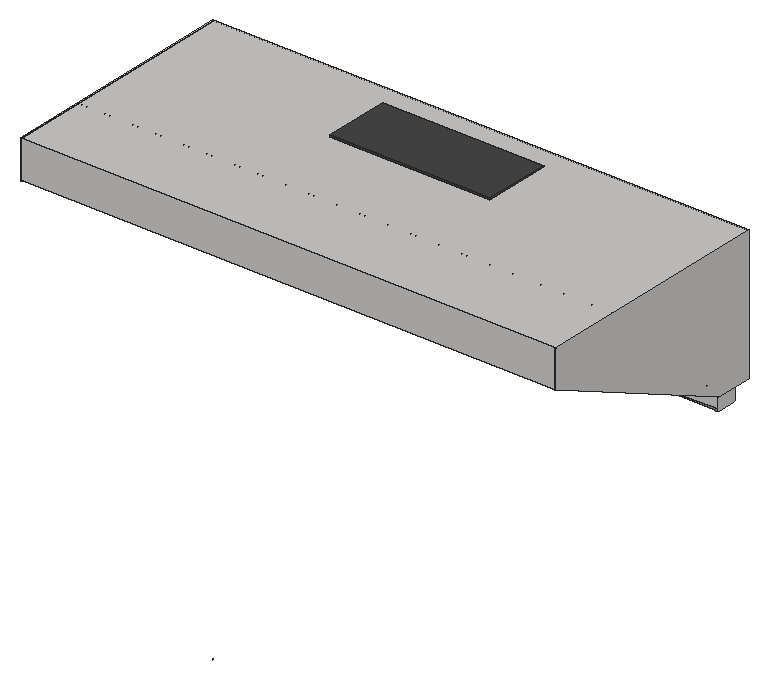
Revit family "QF_ELECTROLUXPROFESSIONAL_642288_MP920BT", category Specialty Equipment, Revit 2014
Reference planes
  plane 1: z = 0
  plane 2 "Center (Left/Right)": x = 150
  plane 3 "LEFT": x = -850
  plane 4 "RIGHT": x = 1150
  plane 5 "BACK": y = 550
  plane 6 "Plane": z = 2000
  plane 7 "TOP": z = 2140
  plane 8 "Base": z = 1640
  plane 9: z = 1566
  plane 10 "DrainY": y = 485
  plane 11: x = -847
  plane 12: through (0, 414.509, 1640.8) normal (0, 0.7314, 0.682)
  plane 13: y = 470
  plane 14: y = 220
  plane 15 "DrainX": x = 1030
  plane 16: x = -150
  plane 17: x = 450
  plane 18: x = 1147
  plane 19: x = 940
  plane 20: x = 1120
  plane 21: x = -810
  plane 22: x = 1110
  plane 23: x = -47.5
  plane 24: x = 347.5
  plane 25 "FRONT": y = -350
  plane 26 "Center (Front/Back)": y = 100
Forms (mm)
  Extrusion 1, solid, material "QF_Finishes_Stainless Steel"
    sketch origin (-850, 0, 0) x (0, 1, 0) y (0, 0, 1)
      loop
        line (550, 1640) -> (550, 2140) -> (-350, 2140) -> (-350, 1998.736) -> (413.973, 1640) -> (550, 1640)
    from 0 to 3
  Extrusion 2, solid, material "QF_Finishes_Stainless Steel"
    sketch origin (150, 0, 0) x (0, 1, 0) y (0, 0, 1)
      loop
        line (415.255, 1640) -> (550, 1640) -> (550, 2139.19) -> (549.2, 2139.19) -> (549.2, 1640.8) -> (415.876, 1640.8) -> (339.347, 1722.867) -> (349.609, 1732.436) -> (348.927, 1733.167) -> (337.934, 1722.917) -> (415.255, 1640)
      loop
        line (-82.203, 2139.19) -> (-82.203, 2118.6) -> (-31.047, 2118.6) -> (34.354, 2048.466) -> (46.028, 2059.352) -> (45.346, 2060.083) -> (34.403, 2049.879) -> (-30.612, 2119.6) -> (-81.203, 2119.6) -> (-81.203, 2139.19) -> (-82.203, 2139.19)
    from -997 to 997
  Extrusion 3, solid, material "QF_Finishes_Stainless Steel"
    sketch origin (1150, 0, 0) x (0, 1, 0) y (0, 0, 1)
      loop
        line (550, 1640) -> (550, 2140) -> (-350, 2140) -> (-350, 1998.736) -> (413.973, 1640) -> (550, 1640)
    from 0 to -3
  Extrusion 4, solid, material "QF_Finishes_Stainless Steel"
    sketch origin (150, 0, 0) x (0, 1, 0) y (0, 0, 1)
      loop
        line (-350, 2140) -> (-350, 2000) -> (-349.2, 2000) -> (-349.2, 2139.19) -> (550, 2139.19) -> (550, 2140) -> (-350, 2140)
    from -1000 to 1000
  Extrusion 5, solid, material "QF_Finishes_Stainless Steel"
    sketch origin (150, 0, 0) x (0, 1, 0) y (0, 0, 1)
      loop
        line (534, 1640) -> (436, 1640) -> (436, 1627) -> (443.5, 1627) -> (443.5, 1576)
        arc (443.5, 1576) -> (446.429, 1568.929) -> (453.5, 1566) r 10
        line (453.5, 1566) -> (516.5, 1566)
        arc (516.5, 1566) -> (523.571, 1568.929) -> (526.5, 1576) r 10
        line (526.5, 1576) -> (526.5, 1627) -> (534, 1627) -> (534, 1640)
    from 790 to 970
  Extrusion 6, solid, material "QF_Finishes_Stainless Steel"
    sketch origin (0, 0, 1640) x (0, 1, 0) y (-1, 0, 0)
      loop
        circle (485, -1030) r 20
    from -76 to -74
  Extrusion 7, solid, material "QF_Finished_Chrome"
    sketch origin (150, 0, 0) x (0, 1, 0) y (0, 0, 1)
      loop
        line (337.934, 1722.917) -> (341.591, 1726.327) -> (38.011, 2051.876) -> (34.354, 2048.466) -> (337.934, 1722.917)
    from -197.5 to -960
  Extrusion 8, solid, material "QF_Finishes_Stainless Steel"
    sketch origin (150, 0, 0) x (0, 1, 0) y (0, 0, 1)
      loop
        line (337.934, 1722.917) -> (341.591, 1726.327) -> (38.011, 2051.876) -> (34.354, 2048.466) -> (337.934, 1722.917)
    from 997 to 960
  Extrusion 9, solid, material "QF_Finished_Chrome"
    sketch origin (150, 0, 0) x (0, 1, 0) y (0, 0, 1)
      loop
        line (341.588, 1726.324) -> (38.009, 2051.874) -> (34.354, 2048.466) -> (337.934, 1722.917) -> (341.588, 1726.324)
    from 197.5 to 960
  Extrusion 10, solid, material "QF_Finishes_Black"
    sketch origin (0, 0, 2140) x (0, 1, 0) y (-1, 0, 0)
      loop
        line (470, -450) -> (470, 150) -> (220, 150) -> (220, -450) -> (470, -450)
    from 5 to 0
  Extrusion 11, solid, material "QF_Finishes_Stainless Steel"
    sketch origin (0, 0, 0) x (1, 0, 0) y (0, 1, 0)
      loop
        line (-850, 550) -> (-850, 549) -> (-849, 549) -> (-849, 550) -> (-850, 550)
    from 0 to 1
  Extrusion 12, solid, material "QF_Finishes_Stainless Steel"
    sketch origin (150, 0, 0) x (0, 1, 0) y (0, 0, 1)
      loop
        line (337.934, 1722.917) -> (341.591, 1726.327) -> (38.011, 2051.876) -> (34.354, 2048.466) -> (337.934, 1722.917)
    from -960 to -997
  Extrusion 13, solid, material "QF_Finishes_Stainless Steel"
    sketch origin (150, 0, 0) x (0, 1, 0) y (0, 0, 1)
      loop
        line (337.934, 1722.917) -> (341.591, 1726.327) -> (38.011, 2051.876) -> (34.354, 2048.466) -> (337.934, 1722.917)
    from 197.5 to -197.5
Cuts and joins
  joined: Extrusion 2, Extrusion 4
Lines and regions (mm)
  reference lines
    curve 1: line (150, 34.354, 2048.466) -> (150, 34.354, 1888.466)
  symbolic lines, style "SpecialityEquipment", detail levels coarse
    curve 2: line (1150, 550, 2140) -> (-850, 550, 2140)
    curve 3: line (-850, 550, 2140) -> (-850, -350, 2140)
    curve 4: line (1150, -350, 2140) -> (1150, 550, 2140)
    curve 5: line (-850, -350, 2140) -> (1150, -350, 2140)
    curve 6: line (450, 220, 2140) -> (-150, 220, 2140)
    curve 7: line (450, 470, 2140) -> (450, 220, 2140)
    curve 8: line (-150, 470, 2140) -> (450, 470, 2140)
    curve 9: line (-150, 220, 2140) -> (-150, 470, 2140)
    curve 10: line (-850, 550, 0) -> (1150, -350, 0)
    curve 11: line (1150, 550, 0) -> (-850, -350, 0)
Dimensions and locks
  plane 3 "LEFT" to plane 4 "RIGHT" = 2000 mm
  equal spacing: plane 3 "LEFT", plane 2 "Center (Left/Right)", plane 4 "RIGHT"
  locked: plane 6 "Plane" to level at 2000
  plane 7 "TOP" to plane 6 "Plane" = 140 mm
  locked: plane 7 "TOP" to plane 8 "Base" at 500
  plane 8 "Base" to plane 9 = 74 mm
  plane 5 "BACK" to plane 10 "DrainY" = 65 mm  (x2)
  plane 3 "LEFT" to plane 11 = 3 mm
  plane 5 "BACK" to plane 13 = 80 mm
  plane 13 to plane 14 = 250 mm  (x2)
  plane 15 "DrainX" to plane 4 "RIGHT" = 120 mm
  plane 18 to plane 4 "RIGHT" = 3 mm
  locked: plane 19 to plane 15 "DrainX" at 90
  locked: plane 15 "DrainX" to plane 20 at 90
  plane 13 to plane 5 "BACK" = 80 mm
  locked: plane 3 "LEFT" to plane 21 at 40
  locked: plane 22 to plane 4 "RIGHT" at 40
  locked: plane 23 to plane 24 at 395
  equal spacing: plane 23, plane 2 "Center (Left/Right)", plane 24
  locked: plane 16 to plane 17 at 600
  equal spacing: plane 16, plane 2 "Center (Left/Right)", plane 17
  plane 5 "BACK" to plane 25 "FRONT" = 900 mm  (x2)
  equal spacing: plane 5 "BACK", plane 26 "Center (Front/Back)", plane 25 "FRONT"
  aligned and locked: level to plane 1
  aligned and locked: Extrusion 2 to Extrusion 1
  aligned and locked: Extrusion 2 to Extrusion 3
  aligned and locked: plane 4 "RIGHT" to Extrusion 4
  aligned and locked: Extrusion 4 to plane 3 "LEFT"
  aligned and locked: plane 18 to Extrusion 8
  aligned and locked: Extrusion 10 to plane 16
  aligned and locked: Extrusion 10 to plane 14
  aligned and locked: Extrusion 10 to plane 13
  aligned and locked: Extrusion 2 to Extrusion 4
  aligned and locked: plane 20 to Extrusion 5
  aligned and locked: Extrusion 5 to plane 19
  aligned and locked: Extrusion 8 to plane 22
  aligned and locked: Extrusion 9 to plane 22
  aligned and locked: Extrusion 7 to plane 21
  aligned and locked: Extrusion 12 to plane 11
  aligned and locked: plane 21 to Extrusion 12
  aligned and locked: Extrusion 3 to plane 18
  aligned and locked: Extrusion 10 to plane 17
  aligned and locked: plane 17 to curve 7
  aligned and locked: plane 24 to Extrusion 13
  aligned and locked: Extrusion 13 to plane 23
  aligned and locked: Extrusion 9 to plane 24
Automatic sketch dimensions
  curve 5 to plane 4 "RIGHT" = 0 mm
  curve 6 to plane 14 = 0 mm
  plane 13 to curve 8 = 0 mm
  curve 3 to plane 3 "LEFT" = 0 mm
  curve 3 to plane 5 "BACK" = 0 mm
  curve 6 to plane 16 = 0 mm
  Extrusion 2 sketch curve to plane 12 = 0 mm  (x3)
  Extrusion 2 sketch curve to plane 8 "Base" = 0 mm
  plane 12 to Extrusion 2 sketch curve = 0 mm
  Extrusion 2 sketch curve to plane 5 "BACK" = 0 mm
  Extrusion 2 sketch curve to Extrusion 2 sketch curve = 65.646 mm
  Extrusion 2 sketch curve to Extrusion 2 sketch curve = 0.682 mm  (x2)
  Extrusion 2 sketch curve to Extrusion 2 sketch curve = 10.261 mm
  plane 8 "Base" to Extrusion 2 sketch curve = 82.917 mm
  Extrusion 2 sketch curve to Extrusion 2 sketch curve = 10.942 mm
  Extrusion 2 sketch curve to Extrusion 2 sketch curve = 0.049 mm
  Extrusion 2 sketch curve to plane 7 "TOP" = 20.4 mm
  Extrusion 2 sketch curve to plane 7 "TOP" = 21.4 mm
  Extrusion 2 sketch curve to plane 7 "TOP" = 0.81 mm  (x2)
  Extrusion 2 sketch curve to Extrusion 2 sketch curve = 50.156 mm
  Extrusion 2 sketch curve to Extrusion 2 sketch curve = 1 mm
  plane 8 "Base" to Extrusion 2 sketch curve = 0.8 mm
  Extrusion 2 sketch curve to plane 5 "BACK" = 0.8 mm
  Extrusion 4 sketch curve to plane 6 "Plane" = 0 mm
  Extrusion 4 sketch curve to plane 5 "BACK" = 0 mm
  Extrusion 4 sketch curve to plane 7 "TOP" = 0 mm
  Extrusion 4 sketch curve to plane 7 "TOP" = 0.81 mm
  curve 1 to plane 12 = 0 mm
  curve 1 to plane 6 "Plane" = 111.534 mm
  Extrusion 5 sketch curve to plane 8 "Base" = 0 mm
  Extrusion 5 sketch curve to plane 9 = 0 mm
  Extrusion 5 sketch curve to plane 8 "Base" = 13 mm  (x2)
  plane 13 to Extrusion 5 sketch curve = 34 mm
  Extrusion 5 sketch curve to Extrusion 5 sketch curve = 7.5 mm  (x2)
  Extrusion 5 sketch curve to Extrusion 5 sketch curve = 10 mm
  plane 10 "DrainY" to Extrusion 5 sketch curve = 31.5 mm
  Extrusion 5 sketch curve to plane 5 "BACK" = 23.5 mm
  Extrusion 6 sketch curve to plane 10 "DrainY" = 0 mm
  Extrusion 6 sketch curve to plane 15 "DrainX" = 0 mm
  Extrusion 7 sketch curve to plane 12 = 0 mm  (x2)
  Extrusion 7 sketch curve to Extrusion 7 sketch curve = 3.657 mm
  plane 8 "Base" to Extrusion 7 sketch curve = 82.917 mm
  Extrusion 8 sketch curve to plane 12 = 0 mm  (x2)
  Extrusion 8 sketch curve to Extrusion 8 sketch curve = 3.657 mm
  plane 8 "Base" to Extrusion 8 sketch curve = 82.917 mm
  Extrusion 9 sketch curve to plane 12 = 0 mm  (x2)
  Extrusion 9 sketch curve to Extrusion 9 sketch curve = 3.655 mm
  plane 8 "Base" to Extrusion 9 sketch curve = 82.917 mm
  Extrusion 10 sketch curve to plane 14 = 0 mm
  plane 13 to Extrusion 10 sketch curve = 0 mm
  Extrusion 10 sketch curve to plane 17 = 0 mm
  Extrusion 10 sketch curve to plane 16 = 0 mm
  Extrusion 11 sketch curve to plane 3 "LEFT" = 0 mm
  Extrusion 11 sketch curve to plane 5 "BACK" = 0 mm
  plane 3 "LEFT" to Extrusion 11 sketch curve = 1 mm
  Extrusion 11 sketch curve to Extrusion 11 sketch curve = 1 mm
  Extrusion 12 sketch curve to plane 12 = 0 mm  (x2)
  Extrusion 12 sketch curve to Extrusion 12 sketch curve = 3.657 mm
  plane 8 "Base" to Extrusion 12 sketch curve = 82.917 mm
  Extrusion 13 sketch curve to plane 12 = 0 mm  (x2)
  Extrusion 13 sketch curve to Extrusion 13 sketch curve = 3.657 mm
  plane 8 "Base" to Extrusion 13 sketch curve = 82.917 mm
  Extrusion 4 sketch curve to Extrusion 4 sketch curve = 0.8 mm
  curve 5 to plane 14 = 570 mm
  plane 6 "Plane" to Extrusion 2 sketch curve = 48.466 mm
  Extrusion 4 sketch curve to plane 14 = 569.2 mm
  curve 1 to plane 14 = 185.646 mm
  plane 6 "Plane" to Extrusion 7 sketch curve = 51.876 mm
  plane 6 "Plane" to Extrusion 8 sketch curve = 51.876 mm
  plane 6 "Plane" to Extrusion 9 sketch curve = 51.874 mm
  plane 6 "Plane" to Extrusion 12 sketch curve = 51.876 mm
  plane 6 "Plane" to Extrusion 13 sketch curve = 51.876 mm
  Extrusion 3 sketch curve to plane 7 "TOP" = 0 mm
  Extrusion 3 sketch curve to plane 8 "Base" = 0 mm
  Extrusion 3 sketch curve to plane 5 "BACK" = 0 mm
  Extrusion 3 sketch curve to plane 25 "FRONT" = 0 mm
  plane 13 to Extrusion 3 sketch curve = 56.027 mm
  Extrusion 3 sketch curve to plane 6 "Plane" = 1.264 mm
  Extrusion 1 sketch curve to plane 7 "TOP" = 0 mm
  Extrusion 1 sketch curve to plane 8 "Base" = 0 mm
  Extrusion 1 sketch curve to plane 12 = 0.937 mm
  Extrusion 1 sketch curve to plane 5 "BACK" = 0 mm
  Extrusion 1 sketch curve to plane 25 "FRONT" = 0 mm
  Extrusion 1 sketch curve to plane 6 "Plane" = 1.264 mm
  curve 11 to plane 3 "LEFT" = 0 mm
  curve 10 to plane 3 "LEFT" = 0 mm
  curve 11 to plane 4 "RIGHT" = 0 mm
  curve 10 to plane 4 "RIGHT" = 0 mm
  curve 10 to plane 25 "FRONT" = 0 mm
  curve 11 to plane 25 "FRONT" = 0 mm
  curve 11 to plane 5 "BACK" = 0 mm
  curve 10 to plane 5 "BACK" = 0 mm
  radius of Extrusion 6 sketch curve = 20 mm
Connectors
  piping at (1030, 485, 1564), diameter 20
    settings: on Extrusion 6, index 1, connector inside diameter 609.6 mm, connector length 0 mm, flow factor 0, pipe flow 0.0 L/s, pressure drop 0.0 Pa, fitting loss kfactor 0, connector angle 0.00°, fixture units 0, engagement length 0 mm, angle of deflection 0.00°, flow configuration 1, flow direction 2, fitting loss method 0, system type 16, joint type 0, gender type 0, connector reference index -1, connector utility 0, adjustable connector no, is connector primary yes, connector description "Drain"
  hvac at (150, 345, 2145)
    settings: on Extrusion 10, index 2, duct flow 0.0 L/s, flow factor 0, pres drop 0.0 Pa, loss coef 0, conn angle 0.00°, conn width 250 mm, conn height 600 mm, conn diameter 609.6 mm, duct sys type 3, conn prof type 1, flow config 0, flow direction 2, loss method 0, conn ref index -1, conn util no, is conn primary yes, conn desc "EXHAUST OUTLET"
